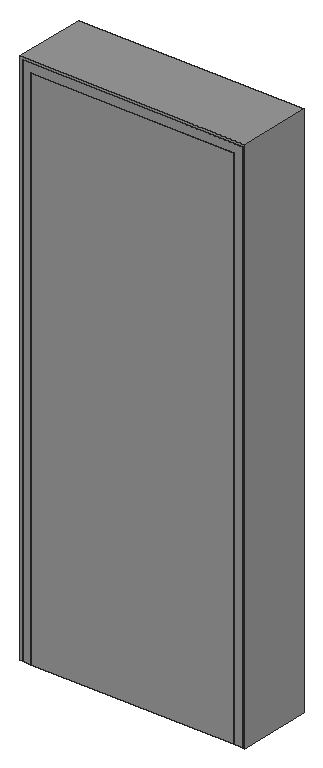
Revit family "Doorset_Porte de bureau sous contrôle d'accès_ASSA ABLOY FR_Hardware LIGHT", category Doors, host Wall, Revit 2015
Parameters (values of type "800x2150mm (900x2200mm)")
  Uniclass 2.0 Description = "Doorsets"
  Uniclass 2.0 Code = "PR-59-23"
  Uniclass 1.4 Description = "Doors"
  Uniclass 1.4 Code = "JL20"
  URL = "http://www.assaabloy.fr/solutions-de-porte-bim/porte-bureau-sous-controle-dacces/"
  UNSPSC name = "Doors"
  UNSPSC code = "301715"
  Type Comments = "800x2150mm (900x2200mm)"
  Top Frame = 35 mm  # constant formula
  Thickness = 40 mm  # constant formula
  Structural Opening Width = Rough Width  # 920 mm
  Structural Opening Height = Rough Height  # 2210 mm
  Side Frame = 70 mm  # constant formula
  Rough Width = if(Frame Width > Maximum Door Width, Maximum Door Width + 20 mm, if(Frame Width < Minimum Door Width, Minimum Door Width + 20 mm, Frame Width + 20 mm))  # 920 mm
  Rough Height = if(Frame Height > Maximum Door Height, Maximum Door Height + 10 mm, if(Frame Height < Minimum Door Height, Minimum Door Height + 10 mm, Frame Height + 10 mm))  # 2210 mm
  Region Europe = "FR"
  Provider = "ASSA ABLOY FR"  # constant formula
  Product Guid = "51263064-a86c-4632-b4e4-28a220c7b29a"
  Panel Width = Rough Width - (Side Frame + 20 mm)  # 830 mm
  Panel Material = Wood - Assa Abloy - Powder Coated
  Panel Height = Rough Height - (Top Frame + 10 mm)  # 2165 mm
  Operation = "N/A"  # constant formula
  OmniClass Title = "Doors"
  OmniClass Number = "23-17 11 00"
  Name = "Porte de bureau sous contrôle d'accès"  # constant formula
  NBS Reference Description = "Doorsets"
  NBS Reference Code = "59-23"
  Model = "Doorset_Porte de bureau sous contrôle d'accès_ASSA ABLOY FR_Hardware LIGHT\r\n"  # constant formula
  Minimum Door Width = 900 mm  # constant formula
  Minimum Door Height = 2200 mm  # constant formula
  Maximum Door Width = 1200 mm  # constant formula
  Maximum Door Height = 3000 mm  # constant formula
  Manufacturer = "ASSA ABLOY"  # constant formula
  Lock Cases = "1x Serrure électrique EL564_Electric lock_Abloy [AN. KEL564100440]\r\n"  # constant formula
  Keynote = "08000"
  IFC classification = "Door"
  Hardware Set = "ID-ML-EC-FR05"  # constant formula
  Handle Distance From Side Of The Panel = 50 mm  # constant formula
  Function = Interior
  Height = Rough Height - 10 mm  # 2200 mm
  Wall Closure = By host
  Width = Rough Width - 20 mm  # 900 mm
  Frame Width = 900 mm
  Frame Material = Wood - Assa Abloy - Powder Coated
  Frame Height = 2200 mm
  Frame Depth = 70 mm  # constant formula
  Fire Rating = "No"  # constant formula
  Edition number = "1"
  Door Width [instance] = 900 mm
  Door Height [instance] = 2200 mm
  Description = "Solution pour porte de bureau, simple vantail, dotée d'un système de contrôle d'accès"  # constant formula
  Date of publishing = ""
  Cylinders = "1x APERIO C100_e-cylinder_ASSA ABLOY [AN. 50520190-0001]\r\n"  # constant formula
  Contact Provider = "http://www.assaabloy.fr/contactez-nous/"
  Clear Width = Rough Width - 120 mm  # 800 mm
  Clear Height = Rough Height - 60 mm  # 2150 mm
  BIMobject Unique ref = "ID-ML-EC-FR05"
  BIMobject Product Page = "http://bimobject.com/fr/assaabloy-fr/product/id-ml-ec-fr05"
  BIMobject Product Group = "Single-Wood-Access Control"
  BIMobject Product Family = "Interior Door Solutions"
  BIMobject Instructions Video = ""
  BIMobject Category = "Doors - Door sets"
  BIMobject Brand = "ASSA ABLOY FR"
  Assembly Code = "C1020"
  Architectural Hardware = "1x Béquilles Ovalis 511 _Architectural Hardware_Vachette [AN. 80877 0]\r\n"  # constant formula
Reference planes
  plane 1: y = 0
  plane 2 "Center (Left/Right)": x = 0
  plane 3 "Exterior": y = 150
  plane 4 "Interior": y = -150
  plane 5: x = 460
  plane 6: x = -460
  plane 7: z = 2210
  plane 8: z = 2200
  plane 9: x = -450
  plane 10: x = 450
  plane 11: y = -80
  plane 12: y = -110
  plane 13: x = -415
  plane 14: x = 415
  plane 15: z = 2165
  plane 16: z = 1100
  plane 17: x = -400
  plane 18: x = 400
  plane 19: z = 2150
  plane 20: y = -1070
  plane 21: y = -950
  plane 22: y = -980
  plane 23: y = -85
  plane 24: x = 365
  plane 25: z = 1100
  plane 26: x = 240
  plane 27: z = 1090.494
  plane 28: y = -939.49
Forms (mm)
  Extrusion 1, solid, material "Wood - Assa Abloy - Powder Coated" <- "Frame Material"
    sketch origin (0, 150, 0) x (1, 0, 0) y (0, 0, 1)
      loop
        line (460, 2210) -> (-460, 2210) -> (-460, 0) -> (-450, 0) -> (-450, 2200) -> (450, 2200) -> (450, 0) -> (460, 0) -> (460, 2210)
    from 300 to 0
  Sweep 2, solid, material "Wood - Assa Abloy - Powder Coated" <- "Frame Material"
    path origin (-577.949, -80, 1200) x (-1, 0, 0) y (0, 0, 1)
      loop
        line (-127.949, -1200) -> (-127.949, 1000) -> (-1027.949, 1000) -> (-1027.949, -1200)
    profile origin (-450, -80, 1100) x (1, 0, 0) y (0, 1, 0)
      loop
        line (0, -70) -> (35, -70) -> (35, -30) -> (50, -30) -> (50, -5) -> (45, 0) -> (0, 0) -> (0, -70)
  Extrusion 3, solid, material "Wood - Assa Abloy - Powder Coated" <- "Panel Material"
    sketch origin (0, 0, 0) x (1, 0, 0) y (0, 1, 0)
      loop
        line (-415, -110) -> (-415, -150) -> (415, -150) -> (415, -110) -> (-415, -110)
    from 0 to 2165
Lines and regions (mm)
  Opening 1
    outline origin (-5000, -150, 0) x (1, 0, 0) y (0, 0, 1)
      loop
        line (5460, 2210) -> (4540, 2210) -> (4540, 0) -> (5460, 0) -> (5460, 2210)
  Masking region 1
    outline origin (0, 0, 0) x (1, 0, 0) y (0, 1, 0)
      loop
        line (460, 150) -> (-460, 150) -> (-460, -150) -> (460, -150) -> (460, 150)
  Masking region 2, detail levels medium
    outline origin (0, 0, 0) x (1, 0, 0) y (0, 1, 0)
      loop
        line (-450, -80) -> (-450, -150) -> (-400, -150) -> (-400, -80) -> (-450, -80)
      loop
        line (400, -80) -> (400, -150) -> (450, -150) -> (450, -80) -> (400, -80)
  Masking region 3, detail levels fine
    outline origin (0, 0, 0) x (1, 0, 0) y (0, 1, 0)
      loop
        line (-450, -88) -> (-445, -88) -> (-445, -142) -> (-450, -142) -> (-450, -150) -> (-415, -150) -> (-415, -110) -> (-400, -110) -> (-400, -85) -> (-405, -80) -> (-450, -80) -> (-450, -88)
      loop
        line (405, -80) -> (400, -85) -> (400, -110) -> (415, -110) -> (415, -150) -> (450, -150) -> (450, -142) -> (445, -142) -> (445, -88) -> (450, -88) -> (450, -80) -> (405, -80)
  Masking region 4, detail levels medium
    outline origin (0, 0, 0) x (1, 0, 0) y (0, 1, 0)
      loop
        line (-400, -150) -> (-400, -950) -> (-360, -950) -> (-360, -150) -> (-400, -150)
  Masking region 5, detail levels fine
    outline origin (0, 0, 0) x (1, 0, 0) y (0, 1, 0)
      loop
        line (-415, -150) -> (-415, -980) -> (-375, -980) -> (-375, -150) -> (-415, -150)
  Masking region 6, detail levels coarse+medium
    outline origin (0, 0, 0) x (0, 1, 0) y (0, 0, 1)
      loop
        line (-80, 2200) -> (-150, 2200) -> (-150, 0) -> (-80, 0) -> (-80, 2200)
  Masking region 7, detail levels fine
    outline origin (0, 0, 0) x (0, 1, 0) y (0, 0, 1)
      loop
        line (-142, 2200) -> (-150, 2200) -> (-150, 0) -> (-110, 0) -> (-110, 2150) -> (-85, 2150) -> (-80, 2155) -> (-80, 2200) -> (-88, 2200) -> (-88, 2195) -> (-142, 2195) -> (-142, 2200)
  Masking region 8, detail levels fine
    outline origin (0, 0, 0) x (0, 1, 0) y (0, 0, 1)
      loop
        line (-110, 1126.5) -> (-110, 1073.503) -> (-103.004, 1073.503) -> (-103.004, 1126.5) -> (-110, 1126.5)
      loop
        line (-102.504, 1109.506) -> (-102.504, 1090.494) -> (-53.012, 1090.494)
        arc (-53.012, 1090.494) -> (-43.505, 1100) -> (-53.012, 1109.506) r 9.506
        line (-53.012, 1109.506) -> (-102.504, 1109.506)
  Masking region 9, detail levels fine
    outline origin (0, -260, 0) x (0, -1, 0) y (0, 0, 1)
      loop
        line (-110, 1126.5) -> (-110, 1073.503) -> (-103.004, 1073.503) -> (-103.004, 1126.5) -> (-110, 1126.5)
      loop
        line (-102.504, 1109.506) -> (-102.504, 1090.494) -> (-53.012, 1090.494)
        arc (-53.012, 1090.494) -> (-43.505, 1100) -> (-53.012, 1109.506) r 9.506
        line (-53.012, 1109.506) -> (-102.504, 1109.506)
  Masking region 10, not visible, detail levels fine
    outline origin (0, 145, 98.5) x (0, 1, 0) y (0, 0, 1)
      loop
        line (-110, 1126.5) -> (-110, 1073.503) -> (-103.004, 1073.503) -> (-103.004, 1126.5) -> (-110, 1126.5)
      loop
        line (-102.504, 1109.506) -> (-102.504, 1090.494) -> (-53.012, 1090.494)
        arc (-53.012, 1090.494) -> (-43.505, 1100) -> (-53.012, 1109.506) r 9.506
        line (-53.012, 1109.506) -> (-102.504, 1109.506)
  Masking region 11, not visible, detail levels fine
    outline origin (0, -375, 103.5) x (0, -1, 0) y (0, 0, 1)
      loop
        line (-110, 1126.5) -> (-110, 1073.503) -> (-103.004, 1073.503) -> (-103.004, 1126.5) -> (-110, 1126.5)
      loop
        line (-102.504, 1109.506) -> (-102.504, 1090.494) -> (-53.012, 1090.494)
        arc (-53.012, 1090.494) -> (-43.505, 1100) -> (-53.012, 1109.506) r 9.506
        line (-53.012, 1109.506) -> (-102.504, 1109.506)
  Masking region 12, detail levels fine
    outline origin (0, 0, 0) x (1, 0, 0) y (0, 1, 0)
      loop
        line (-415, -903.368) -> (-421.997, -903.368) -> (-421.997, -956.499) -> (-415, -956.499) -> (-415, -903.368)
      loop
        line (-422.497, -939.49) -> (-422.497, -920.495) -> (-462.497, -920.495) -> (-462.497, -804.99) -> (-481.511, -804.99) -> (-481.511, -939.49) -> (-422.497, -939.49)
  Masking region 13, detail levels fine
    outline origin (-790, 0, 0) x (0, 1, 0) y (-1, 0, 0)
      loop
        line (-903.368, -415) -> (-956.499, -415) -> (-956.499, -421.997) -> (-903.368, -421.997) -> (-903.368, -415)
      loop
        line (-939.49, -422.497) -> (-939.49, -481.511) -> (-804.99, -481.511) -> (-804.99, -462.497) -> (-920.495, -462.497) -> (-920.495, -422.497) -> (-939.49, -422.497)
  Masking region 14, not visible, detail levels fine
    outline origin (-133.003, 111.499, 0) x (1, 0, 0) y (0, 1, 0)
      loop
        line (-415, -903.368) -> (-421.997, -903.368) -> (-421.997, -956.499) -> (-415, -956.499) -> (-415, -903.368)
      loop
        line (-422.497, -939.49) -> (-422.497, -920.495) -> (-462.497, -920.495) -> (-462.497, -804.99) -> (-481.511, -804.99) -> (-481.511, -939.49) -> (-422.497, -939.49)
  Masking region 15, not visible, detail levels fine
    outline origin (-685, 78.368, 0) x (0, 1, 0) y (-1, 0, 0)
      loop
        line (-903.368, -415) -> (-956.499, -415) -> (-956.499, -421.997) -> (-903.368, -421.997) -> (-903.368, -415)
      loop
        line (-939.49, -422.497) -> (-939.49, -481.511) -> (-804.99, -481.511) -> (-804.99, -462.497) -> (-920.495, -462.497) -> (-920.495, -422.497) -> (-939.49, -422.497)
  symbolic lines, style "Elevation Swing"
    curve 1: line (-450, -80, 2200) -> (450, -80, 1100)
    curve 2: line (450, -80, 1100) -> (-450, -80, 0)
  symbolic lines, style "DoorsPanelProjection", detail levels coarse
    curve 3: line (-460, -1070, 0) -> (-460, -150, 0)
  symbolic lines, style "Plan Swing", detail levels coarse
    curve 4: arc (460, -150, 0) -> (190.538, -800.538, 0) -> (-460, -1070, 0) r 920
  symbolic lines, style "Plan Swing", detail levels medium
    curve 5: arc (400, -150, 0) -> (165.685, -715.685, 0) -> (-400, -950, 0) r 800
  symbolic lines, style "Plan Swing", detail levels fine
    curve 6: arc (415, -150, 0) -> (171.899, -736.899, 0) -> (-415, -980, 0) r 830
  symbolic lines, detail levels fine
    curve 7: line (-450, -80, 0) -> (450, -80, 0)
    curve 8: line (450, -150, 0) -> (-450, -150, 0)
  symbolic lines, style "Doors", detail levels medium
    curve 9: line (0, -80, 2150) -> (0, -150, 2150)
  symbolic lines, style "Doors", detail levels fine
    curve 10: line (0, -110, 2150) -> (0, -110, 2165)
    curve 11: line (0, -110, 2165) -> (0, -150, 2165)
  model lines, style "Assa Abloy Hardware", detail levels fine
    curve 12: line (365, -150, 1090.5) -> (240, -150, 1090.5)
    curve 13: line (240, -150, 1090.5) -> (240, -150, 1109.5)
    curve 14: line (240, -150, 1109.5) -> (365, -150, 1109.5)
    curve 15: arc (365, -150, 1109.5) -> (374.5, -150, 1100) -> (365, -150, 1090.5) r 9.5
    curve 16: arc (340.261, -150, 1090.5) -> (391.5, -150, 1100) -> (340.261, -150, 1109.5) r 26.5
    curve 22: line (365, -110, 1109.5) -> (240, -110, 1109.5)
    curve 23: line (240, -110, 1109.5) -> (240, -110, 1090.5)
    curve 24: line (240, -110, 1090.5) -> (365, -110, 1090.5)
    curve 25: arc (365, -110, 1090.5) -> (374.5, -110, 1100) -> (365, -110, 1109.5) r 9.5
    curve 26: arc (340.261, -110, 1109.5) -> (391.5, -110, 1100) -> (340.261, -110, 1090.5) r 26.5
  model lines, style "Assa Abloy Hardware", not visible, detail levels fine
    curve 17: line (365, -150, 1090.5) -> (240, -150, 1090.5)
    curve 18: line (240, -150, 1090.5) -> (240, -150, 1109.5)
    curve 19: line (240, -150, 1109.5) -> (365, -150, 1109.5)
    curve 20: arc (365, -150, 1109.5) -> (374.5, -150, 1100) -> (365, -150, 1090.5) r 9.5
    curve 21: arc (340.261, -150, 1090.5) -> (391.5, -150, 1100) -> (340.261, -150, 1109.5) r 26.5
    curve 27: line (365, -110, 1109.5) -> (240, -110, 1109.5)
    curve 28: line (240, -110, 1109.5) -> (240, -110, 1090.5)
    curve 29: line (240, -110, 1090.5) -> (365, -110, 1090.5)
    curve 30: arc (365, -110, 1090.5) -> (374.5, -110, 1100) -> (365, -110, 1109.5) r 9.5
    curve 31: arc (340.261, -110, 1109.5) -> (391.5, -110, 1100) -> (340.261, -110, 1090.5) r 26.5
Text (mm)
  text "Exterior" at (-2295.016, 422.579, 0), in view "Ref. Level"
  text "Exterior" at (0, 1615.38, 3698.081), in view "Left"
  text "Exterior" at (0, 326.544, 3944.218), in view "Right"
Dimensions and locks
  locked: plane 3 "Exterior" to host wall at 0
  locked: plane 4 "Interior" to host wall
  equal spacing: plane 6, plane 2 "Center (Left/Right)", plane 5
  "Rough Width": plane 6 to plane 5
  "Rough Height": level to plane 7
  locked: plane 10 to plane 5 at 10
  locked: plane 9 to plane 6 at 10
  locked: plane 8 to plane 7 at 10
  "Door Width": plane 10 to plane 9
  "Door Height": level to plane 8
  "Frame Depth": plane 4 "Interior" to plane 11
  "Thickness": plane 4 "Interior" to plane 12
  equal spacing: plane 14, plane 2 "Center (Left/Right)", plane 13
  "Panel Width": plane 14 to plane 13
  "Panel Height": level to plane 15
  equal spacing: level, plane 16, plane 8
  equal spacing: plane 18, plane 2 "Center (Left/Right)", plane 17
  "Clear Width": plane 18 to plane 17
  "Clear Height": level to plane 19
  "Rough Width": plane 20 to plane 4 "Interior"
  "Clear Width": plane 21 to plane 4 "Interior"
  "Panel Width": plane 22 to plane 4 "Interior"
  "Thickness": plane 17 to Masking region 4 sketch curve
  "Thickness": plane 13 to Masking region 5 sketch curve
  locked: level to plane 25 at 1100
  locked: plane 10 to plane 24 at 85
  locked: plane 23 to plane 4 "Interior" at 65
  locked: plane 18 to plane 26 at 160
  locked: plane 27 to level at 1090.494
  locked: plane 28 to plane 22 at 40.51
  aligned and locked: plane 1 to host wall
  aligned and locked: plane 7 to Opening 1 sketch curve
  aligned and locked: plane 5 to Opening 1 sketch curve
  aligned and locked: Opening 1 sketch curve to plane 6
  aligned and locked: level to Opening 1 sketch curve
  aligned and locked: plane 7 to Extrusion 1 sketch curve
  aligned and locked: Extrusion 1 sketch curve to plane 6
  aligned and locked: plane 5 to Extrusion 1 sketch curve
  aligned and locked: plane 8 to Extrusion 1 sketch curve
  aligned and locked: plane 10 to Extrusion 1 sketch curve
  aligned and locked: plane 9 to Extrusion 1 sketch curve
  aligned and locked: level to Extrusion 1 sketch curve  (x2)
  aligned and locked: plane 3 "Exterior" to Extrusion 1
  aligned and locked: plane 4 "Interior" to Extrusion 1
  aligned and locked: Masking region 1 sketch curve to plane 3 "Exterior"
  aligned and locked: Masking region 1 sketch curve to plane 4 "Interior"
  aligned and locked: plane 6 to Masking region 1 sketch curve
  aligned and locked: Masking region 1 sketch curve to plane 5
  aligned and locked: plane 9 to Sweep 2 sketch curve
  aligned and locked: plane 8 to Sweep 2 sketch curve
  aligned and locked: plane 10 to Sweep 2 sketch curve
  aligned and locked: level to Sweep 2 sketch curve  (x2)
  aligned and locked: Sweep 2 sketch curve to plane 9
  aligned and locked: Sweep 2 sketch curve to plane 11
  aligned and locked: Sweep 2 sketch curve to plane 4 "Interior"
  aligned and locked: Sweep 2 sketch curve to plane 12
  aligned and locked: Extrusion 3 sketch curve to plane 13
  aligned and locked: Extrusion 3 sketch curve to plane 12
  aligned and locked: Extrusion 3 sketch curve to plane 4 "Interior"
  aligned and locked: Extrusion 3 sketch curve to plane 14
  aligned and locked: Extrusion 3 to level
  aligned and locked: plane 15 to Extrusion 3
  aligned and locked: plane 6 to curve 3
  aligned and locked: plane 20 to curve 3
  aligned and locked: plane 4 "Interior" to curve 3
  aligned and locked: Masking region 2 sketch curve to plane 11  (x2)
  aligned and locked: Masking region 2 sketch curve to plane 9
  aligned and locked: Masking region 2 sketch curve to plane 4 "Interior"  (x2)
  aligned and locked: Masking region 2 sketch curve to plane 17
  aligned and locked: Masking region 2 sketch curve to plane 10
  aligned and locked: Masking region 2 sketch curve to plane 18
  aligned and locked: Masking region 3 sketch curve to plane 9  (x2)
  aligned and locked: Masking region 3 sketch curve to plane 11  (x2)
  aligned and locked: Masking region 3 sketch curve to plane 4 "Interior"  (x2)
  aligned and locked: Masking region 3 sketch curve to plane 13
  aligned and locked: Masking region 3 sketch curve to plane 12  (x2)
  aligned and locked: Masking region 3 sketch curve to plane 17
  aligned and locked: Masking region 3 sketch curve to Sweep 2  (x2)
  aligned and locked: Masking region 3 sketch curve to plane 10  (x2)
  aligned and locked: Masking region 3 sketch curve to plane 14
  aligned and locked: Masking region 3 sketch curve to plane 18
  aligned and locked: Masking region 4 sketch curve to plane 17
  aligned and locked: Masking region 4 sketch curve to plane 21
  aligned and locked: Masking region 4 sketch curve to plane 4 "Interior"
  aligned and locked: Masking region 5 sketch curve to plane 13
  aligned and locked: Masking region 5 sketch curve to plane 4 "Interior"
  aligned and locked: Masking region 5 sketch curve to plane 22
  aligned and locked: curve 7 to plane 11
  aligned and locked: curve 8 to plane 4 "Interior"
  aligned and locked: plane 9 to curve 7
  aligned and locked: plane 10 to curve 7
  aligned and locked: plane 9 to curve 8
  aligned and locked: plane 10 to curve 8
  aligned and locked: plane 8 to Masking region 6 sketch curve
  aligned and locked: plane 4 "Interior" to Masking region 6 sketch curve
  aligned and locked: plane 11 to Masking region 6 sketch curve
  aligned and locked: level to Masking region 6 sketch curve
  aligned and locked: plane 19 to curve 9
  aligned and locked: plane 4 "Interior" to curve 9
  aligned and locked: plane 11 to curve 9
  aligned and locked: plane 8 to Masking region 7 sketch curve  (x2)
  aligned and locked: plane 11 to Masking region 7 sketch curve
  aligned and locked: plane 4 "Interior" to Masking region 7 sketch curve
  aligned and locked: level to Masking region 7 sketch curve
  aligned and locked: plane 12 to curve 10
  aligned and locked: plane 15 to curve 11
  aligned and locked: plane 4 "Interior" to curve 11
  aligned and locked: plane 19 to curve 10
  aligned and locked: plane 19 to Masking region 7 sketch curve
  aligned and locked: plane 12 to Masking region 7 sketch curve
  aligned and locked: curve 13 to plane 26
  aligned and locked: plane 24 to curve 16
  aligned and locked: plane 25 to curve 16
  aligned and locked: curve 23 to plane 26
  aligned and locked: plane 24 to curve 26
  aligned and locked: plane 25 to curve 26
  aligned and locked: Masking region 9 to plane 27
  aligned and locked: plane 27 to Masking region 8
  aligned and locked: plane 12 to Masking region 8
  aligned and locked: Masking region 9 to plane 4 "Interior"
  aligned and locked: plane 28 to Masking region 12
  aligned and locked: plane 13 to Masking region 12
  aligned and locked: plane 28 to Masking region 13
  aligned and locked: Masking region 13 to Masking region 5
Automatic sketch dimensions
  Masking region 8 sketch curve to Masking region 8 sketch curve = 6.996 mm
  Masking region 8 sketch curve to Masking region 8 sketch curve = 16.99 mm
  Masking region 8 sketch curve to Masking region 8 sketch curve = 16.994 mm
  Masking region 9 sketch curve to Masking region 9 sketch curve = 6.996 mm
  Masking region 9 sketch curve to Masking region 9 sketch curve = 0.5 mm
  Masking region 9 sketch curve to Masking region 9 sketch curve = 49.492 mm
  Masking region 9 sketch curve to Masking region 9 sketch curve = 16.99 mm
  Masking region 9 sketch curve to Masking region 9 sketch curve = 16.994 mm
  Masking region 8 sketch curve to Masking region 8 sketch curve = 0.5 mm
  Masking region 8 sketch curve to Masking region 8 sketch curve = 49.492 mm
  Masking region 8 sketch curve to Masking region 8 sketch curve = 9.506 mm
  Masking region 10 sketch curve to Masking region 10 sketch curve = 6.996 mm
  Masking region 10 sketch curve to Masking region 10 sketch curve = 16.99 mm
  Masking region 10 sketch curve to Masking region 10 sketch curve = 16.994 mm
  Masking region 10 sketch curve to Masking region 10 sketch curve = 0.5 mm
  Masking region 10 sketch curve to Masking region 10 sketch curve = 49.492 mm
  Masking region 10 sketch curve to Masking region 10 sketch curve = 9.506 mm
  Masking region 9 sketch curve to Masking region 9 sketch curve = 9.506 mm
  Masking region 11 sketch curve to Masking region 11 sketch curve = 6.996 mm
  Masking region 11 sketch curve to Masking region 11 sketch curve = 0.5 mm
  Masking region 11 sketch curve to Masking region 11 sketch curve = 49.492 mm
  Masking region 11 sketch curve to Masking region 11 sketch curve = 16.99 mm
  Masking region 11 sketch curve to Masking region 11 sketch curve = 16.994 mm
  Masking region 11 sketch curve to Masking region 11 sketch curve = 9.506 mm
  curve 6 to plane 13 = 0 mm
  curve 5 to plane 17 = 0 mm
  curve 5 to plane 18 = 0 mm
  curve 6 to plane 14 = 0 mm
  host wall to curve 4 = 0 mm
  Sweep 2 sketch curve to profile plane = 35 mm
  Sweep 2 sketch curve to Sweep 2 sketch curve = 10 mm
  Sweep 2 sketch curve to plane 11 = 5 mm
  Sweep 2 sketch curve to Sweep 2 sketch curve = 5 mm
  curve 1 to plane 10 = 0 mm
  curve 2 to level = 0 mm
  plane 9 to curve 2 = 0 mm
  curve 1 to plane 8 = 0 mm
  plane 9 to curve 1 = 0 mm
  curve 2 to plane 16 = 0 mm
  Masking region 3 sketch curve to plane 9 = 0 mm
  Masking region 3 sketch curve to Masking region 3 sketch curve = 5 mm  (x2)
  Masking region 3 sketch curve to host wall = 8 mm  (x2)
  Masking region 3 sketch curve to plane 23 = 3 mm  (x2)
  Masking region 7 sketch curve to plane 23 = 0 mm
  Masking region 7 sketch curve to Masking region 7 sketch curve = 8 mm
  Masking region 7 sketch curve to plane 23 = 3 mm
  plane 19 to Masking region 7 sketch curve = 5 mm
  Masking region 7 sketch curve to plane 8 = 5 mm
  Masking region 12 sketch curve to Masking region 12 sketch curve = 19.015 mm
  Masking region 12 sketch curve to Masking region 12 sketch curve = 18.995 mm
  Masking region 12 sketch curve to Masking region 12 sketch curve = 17.127 mm
  Masking region 12 sketch curve to Masking region 12 sketch curve = 98.378 mm
  Masking region 13 sketch curve to Masking region 13 sketch curve = 18.995 mm
  Masking region 13 sketch curve to Masking region 13 sketch curve = 17.127 mm
  Masking region 13 sketch curve to Masking region 13 sketch curve = 98.378 mm
  Masking region 13 sketch curve to Masking region 13 sketch curve = 19.015 mm
  Masking region 13 sketch curve to Masking region 13 sketch curve = 0.5 mm
  Masking region 13 sketch curve to Masking region 13 sketch curve = 6.997 mm
  Masking region 12 sketch curve to Masking region 12 sketch curve = 40 mm
  Masking region 12 sketch curve to Masking region 12 sketch curve = 0.5 mm
  Masking region 12 sketch curve to Masking region 12 sketch curve = 6.997 mm
  Masking region 12 sketch curve to Masking region 12 sketch curve = 17.009 mm
  Masking region 14 sketch curve to Masking region 14 sketch curve = 19.015 mm
  Masking region 14 sketch curve to Masking region 14 sketch curve = 18.995 mm
  Masking region 14 sketch curve to Masking region 14 sketch curve = 17.127 mm
  Masking region 14 sketch curve to Masking region 14 sketch curve = 98.378 mm
  Masking region 14 sketch curve to Masking region 14 sketch curve = 40 mm
  Masking region 14 sketch curve to Masking region 14 sketch curve = 0.5 mm
  Masking region 14 sketch curve to Masking region 14 sketch curve = 6.997 mm
  Masking region 14 sketch curve to Masking region 14 sketch curve = 17.009 mm
  Masking region 13 sketch curve to Masking region 13 sketch curve = 17.009 mm
  Masking region 13 sketch curve to Masking region 13 sketch curve = 40 mm
  Masking region 15 sketch curve to Masking region 15 sketch curve = 18.995 mm
  Masking region 15 sketch curve to Masking region 15 sketch curve = 17.127 mm
  Masking region 15 sketch curve to Masking region 15 sketch curve = 98.378 mm
  Masking region 15 sketch curve to Masking region 15 sketch curve = 19.015 mm
  Masking region 15 sketch curve to Masking region 15 sketch curve = 0.5 mm
  Masking region 15 sketch curve to Masking region 15 sketch curve = 6.997 mm
  Masking region 15 sketch curve to Masking region 15 sketch curve = 17.009 mm
  Masking region 15 sketch curve to Masking region 15 sketch curve = 40 mm
